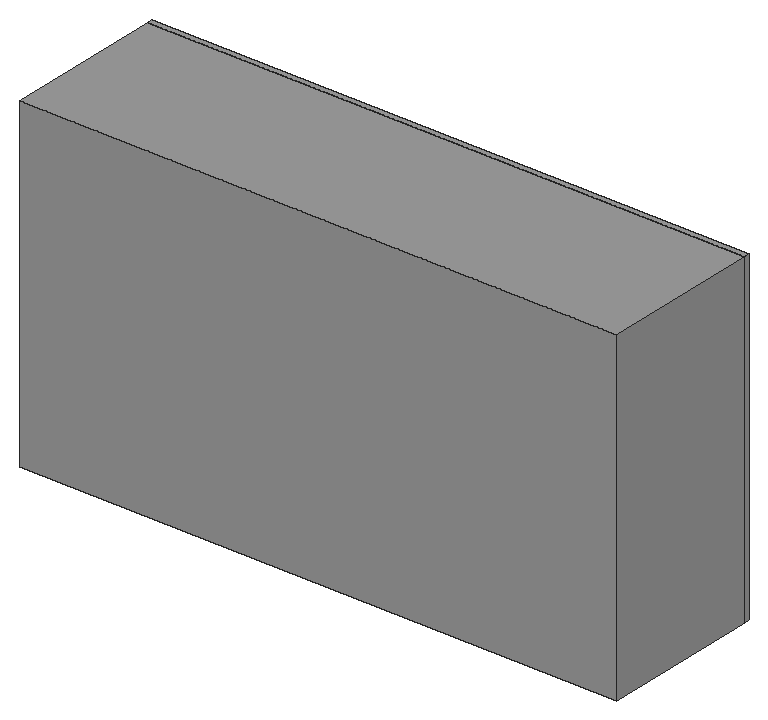
Revit family "Kubus M LED 1-s Sentr (venstre_veggmontasje)", category Lighting Fixtures, Revit 2013
Parameters (values of type "23m")
  Width = 70 mm
  Wattage Comments = "17 W"
  Wattage = 9.2903 W
  built-in parameter 1150110 = 1 (stored number, unit not read)
  Voltage = 230 V
  URL = ""
  built-in parameter 1114217 = 1 (stored number, unit not read)
  Tilt Angle = 90.00°
  built-in parameter 1150109 = 1 (stored number, unit not read)
  built-in parameter 1150134 = 3
  Symbol Positive Direction [instance] = yes
  Symbol Offset Side [instance] = 0 mm
  Symbol Offset Out [instance] = 0 mm
  built-in parameter 1150113 = 1 (stored number, unit not read)
  Reference Line Out [instance] = 50 mm
  Photometric Web File = "20x42A12.ies"
  Number of Poles = 1
  built-in parameter 1150105 = 109.82 (stored number, unit not read)
  Lumens = 1380 lm
  built-in parameter 1150115 = 1 (stored number, unit not read)
  Load Classification [instance] = Other
  Model = ""
  Manufacturer = ""
  built-in parameter 1150137 = (empty or 0)
  built-in parameter 1150139 = (empty or 0)
  Length 1 = Length - 30 mm  # 225 mm
  Length = 255 mm
  built-in parameter 1150112 = 1 (stored number, unit not read)
  built-in parameter 1150114 = 1 (stored number, unit not read)
  Lamp = "1"
  built-in parameter 1150132 = (empty or 0)
  built-in parameter 1150102 = (empty or 0)
  built-in parameter 1150107 = 3200 (stored number, unit not read)
  built-in parameter 1150138 = (empty or 0)
  built-in parameter 1150106 = 1.0982 (stored number, unit not read)
  Height 1 = Height - 30 mm  # 110 mm
  Height = 140 mm
  Emit from Rectangle Width = Height  # 140 mm
  Emit from Rectangle Length = Length  # 255 mm
  Emit Shape Visible in Rendering = no
  built-in parameter 1150104 = 13.8 (stored number, unit not read)
  Dimming Lamp Color Temperature Shift = <None>
  Description = ""
  Color Filter = 16777215
  Body Material and Colour = Default
  built-in parameter 1114218 = 1 (stored number, unit not read)
  built-in parameter 1150133 = 10 (stored number, unit not read)
  Assembly Code = ""
  Apparent Load = 17 VA
  60m = no
  35m = no
  23m = yes
Types (3, lengths in mm): name | Reference Line Out | Length 1 | Length | Height 1 | Height | Emit from Rectangle Width | Emit from Rectangle Length | 60m | 35m | 23m
  23m | 50 | 225 | 255 | 110 | 140 | 140 | 255 | no | no | yes
  35m | 291.501 | 346 | 376 | 170 | 200 | 200 | 376 | no | yes | no
  60m | 50 | 575 | 605 | 285 | 315 | 315 | 605 | yes | no | no
Reference planes
  plane 1 "Light Source Axis (F/B)": y = 119.961
  plane 2 "Top": z = 83
  plane 3 "Light Source Axis (L/R)": x = 0
  plane 4 "Level": z = 0
  plane 5 "Bottom": z = -140
  plane 6: x = -127.5
  plane 7: x = 127.5
  plane 8: y = 187.961
  plane 9: y = 189.961
  plane 10: z = -15
  plane 11: x = -112.5
  plane 12: x = 112.5
  plane 13: z = -70
  plane 14: z = -125
Forms (mm)
  Extrusion 1, solid, material "Default" <- "Body Material and Colour"
    sketch origin (0, 119.961, 0) x (1, 0, 0) y (0, 0, 1)
      loop
        line (-127.5, 0) -> (-127.5, -140) -> (127.5, -140) -> (127.5, 0) -> (-127.5, 0)
    from 0 to -68
  Extrusion 2, solid, material "Default" <- "Body Material and Colour"
    sketch origin (0, 119.961, 0) x (1, 0, 0) y (0, 0, 1)
      loop
        line (-127.5, 0) -> (-127.5, -140) -> (127.5, -140) -> (127.5, 0) -> (-127.5, 0)
      loop
        line (-112.5, -15) -> (-112.5, -125) -> (112.5, -125) -> (112.5, -15) -> (-112.5, -15)
    from -70 to -68
Lines and regions (mm)
  model lines, style "InvisibleLines"
    curve 1: line (0, 119.961, 0) -> (0, 169.961, 0)
Dimensions and locks
  equal spacing: plane 6, plane 3 "Light Source Axis (L/R)", plane 7
  "Length": plane 6 to plane 7
  plane 8 to plane 1 "Light Source Axis (F/B)" = 68 mm
  locked: plane 9 to plane 8 at 2
  equal spacing: plane 4 "Level", plane 13, plane 5 "Bottom"
  "Height": plane 4 "Level" to plane 5 "Bottom"
  equal spacing: plane 11, plane 3 "Light Source Axis (L/R)", plane 12
  "Length 1": plane 11 to plane 12
  equal spacing: plane 10, plane 13, plane 14
  "Height 1": plane 10 to plane 14
  "Width": plane 1 "Light Source Axis (F/B)" to plane 9
  "Reference Line Out": plane 1 "Light Source Axis (F/B)" to curve 1
  aligned and locked: plane 4 "Level" to level
  aligned and locked: plane 8 to nested 2
  aligned and locked: nested 2 to plane 13
  aligned and locked: plane 3 "Light Source Axis (L/R)" to nested 3
  aligned and locked: plane 1 "Light Source Axis (F/B)" to nested 3
  aligned and locked: plane 8 to nested 1
  aligned and locked: plane 4 "Level" to Extrusion 1 sketch curve
  aligned and locked: plane 6 to Extrusion 1 sketch curve
  aligned and locked: plane 5 "Bottom" to Extrusion 1 sketch curve
  aligned and locked: Extrusion 1 sketch curve to plane 7
  aligned and locked: Extrusion 1 to plane 8
  aligned and locked: plane 1 "Light Source Axis (F/B)" to Extrusion 1
  aligned and locked: plane 4 "Level" to Extrusion 2 sketch curve
  aligned and locked: Extrusion 2 sketch curve to plane 7
  aligned and locked: plane 5 "Bottom" to Extrusion 2 sketch curve
  aligned and locked: plane 6 to Extrusion 2 sketch curve
  aligned and locked: Extrusion 2 sketch curve to plane 10
  aligned and locked: plane 11 to Extrusion 2 sketch curve
  aligned and locked: plane 14 to Extrusion 2 sketch curve
  aligned and locked: Extrusion 2 sketch curve to plane 12
  aligned and locked: plane 8 to Extrusion 2
  aligned and locked: Extrusion 2 to plane 9
  aligned and locked: nested 1 to plane 13
  aligned and locked: plane 13 to nested 4
  aligned and locked: plane 3 "Light Source Axis (L/R)" to nested 4
  aligned and locked: plane 8 to nested 4
  aligned and locked: imposter light to plane 9
  aligned and locked: plane 13 to imposter light
  aligned and locked: plane 1 "Light Source Axis (F/B)" to curve 1
  aligned and locked: plane 3 "Light Source Axis (L/R)" to curve 1
Nested families
  nested 1: "23m_venstre" at (0, 187.961, -70), visible <- "23m", type "23m"
  nested 2: "35m_venstre" at (0, 187.961, -70), visible <- "35m", type "35m"
  nested 3: "MarkeringslysS" at (0, 119.961, 0), type "Type 1"
  nested 4: "60m_venstre" at (0, 189.961, -70), visible <- "60m", type "60m"
Connectors
  electrical at (0, 119.961, 0), driven by "Number of Poles", driven by "Load Classification", driven by "Voltage", driven by "Apparent Load"
    settings: index 1, voltage 230 V, apparent load 0 VA, apparent load phase1 17 VA, apparent load phase2 0 VA, apparent load phase3 0 VA, power factor 1, load classification "Other", number of poles 1, system type 31, power factor state 1, is connector primary yes, connector utility no, sub classification motor no, connector description ""
Definition of nested family "23m_venstre"
  Parameters (values of type "23m")
    Material = yes
    L = 205 mm
    H = 135 mm
  Reference planes
    plane 1 "Center (Front/Back)": y = 0
    plane 2: z = 0
    plane 3 "Center (Left/Right)": x = 0
    plane 4: y = -2
  Forms (mm)
    Extrusion 1, solid, material "Green", visible <- "Material"
      sketch origin (453.48, 0, -265.275) x (1, 0, 0) y (0, 0, 1)
        loop
          line (-565.98, 320.275) -> (-565.98, 210.275) -> (-340.98, 210.275) -> (-340.98, 320.275) -> (-565.98, 320.275)
        loop
          line (-381.008, 244.275) -> (-359.342, 265.941) -> (-381.008, 287.608) -> (-394.008, 287.608) -> (-378.842, 272.441) -> (-443.008, 272.441) -> (-443.008, 259.441) -> (-378.842, 259.441) -> (-394.008, 244.275) -> (-381.008, 244.275)
        loop
          circle (-474.766, 303.483) r 7
        loop
          line (-480.5, 291.17) -> (-486.111, 295.878) -> (-519.738, 289.33) -> (-528.167, 276.351)
          arc (-528.167, 276.351) -> (-528.437, 274.892) -> (-527.597, 273.669) r 1.939
          line (-527.597, 273.669) -> (-525.357, 272.215)
          arc (-525.357, 272.215) -> (-523.849, 271.956) -> (-522.622, 272.872) r 1.939
          line (-522.622, 272.872) -> (-516.565, 283.363) -> (-499.748, 286.638) -> (-516.024, 258.447) -> (-532.794, 258.447)
          arc (-532.794, 258.447) -> (-535.079, 257.5) -> (-536.025, 255.215) r 3.232
          line (-536.025, 255.215) -> (-536.025, 251.984)
          arc (-536.025, 251.984) -> (-535.079, 249.699) -> (-532.794, 248.752) r 3.232
          line (-532.794, 248.752) -> (-499.232, 248.752) -> (-494.068, 257.695) -> (-487.551, 252.226) -> (-487.551, 225.892)
          arc (-487.551, 225.892) -> (-486.604, 223.607) -> (-484.319, 222.661) r 3.232
          line (-484.319, 222.661) -> (-481.087, 222.661)
          arc (-481.087, 222.661) -> (-478.802, 223.607) -> (-477.856, 225.892) r 3.232
          line (-477.856, 225.892) -> (-477.856, 256.746) -> (-489.146, 266.22) -> (-484.224, 274.746) -> (-473.474, 265.726)
          arc (-473.474, 265.726) -> (-472.059, 265.28) -> (-470.743, 265.965) r 1.939
          line (-470.743, 265.965) -> (-469.081, 267.946)
          arc (-469.081, 267.946) -> (-468.635, 269.361) -> (-469.32, 270.677) r 1.939
          line (-469.32, 270.677) -> (-480.942, 280.43) -> (-476.849, 287.519) -> (-480.5, 291.17)
      from 0 to 2
  Dimensions and locks
    Extrusion 1 sketch curve to plane 3 "Center (Left/Right)" to Extrusion 1 sketch curve = 112.5 mm, 112.5 mm
    aligned and locked: level to plane 2
Definition of nested family "35m_venstre"
  Parameters (values of type "35m")
    Material = yes
    L = 425.577 mm
    H = 260 mm
  Reference planes
    plane 1 "Center (Front/Back)": y = 0
    plane 2: z = 0
    plane 3 "Center (Left/Right)": x = 0
    plane 4: y = -2
  Forms (mm)
    Extrusion 1, solid, material "Green", visible <- "Material"
      sketch origin (0, 0, 0) x (1, 0, 0) y (0, 0, 1)
        loop
          line (-173, 85) -> (-173, -85) -> (173, -85) -> (173, 85) -> (-173, 85)
        loop
          line (117.051, -40.937) -> (158.866, 0.582) -> (117.347, 42.396) -> (92.348, 42.485) -> (121.41, 13.215) -> (17.244, 13.585) -> (17.156, -11.415) -> (121.322, -11.785) -> (92.051, -40.848) -> (117.051, -40.937)
        loop
          circle (-41.697, 48.678) r 8.988
        loop
          line (-49.059, 32.868) -> (-56.264, 38.913) -> (-99.442, 30.506) -> (-110.264, 13.841)
          arc (-110.264, 13.841) -> (-110.611, 11.967) -> (-109.532, 10.397) r 2.49
          line (-109.532, 10.397) -> (-106.657, 8.53)
          arc (-106.657, 8.53) -> (-104.72, 8.197) -> (-103.145, 9.373) r 2.49
          line (-103.145, 9.373) -> (-95.367, 22.844) -> (-73.774, 27.049) -> (-94.672, -9.148) -> (-116.205, -9.148)
          arc (-116.205, -9.148) -> (-119.139, -10.364) -> (-120.355, -13.298) r 4.149
          line (-120.355, -13.298) -> (-120.355, -17.447)
          arc (-120.355, -17.447) -> (-119.139, -20.381) -> (-116.205, -21.597) r 4.149
          line (-116.205, -21.597) -> (-73.111, -21.597) -> (-66.481, -10.114) -> (-58.112, -17.137) -> (-58.112, -50.949)
          arc (-58.112, -50.949) -> (-56.897, -53.883) -> (-53.963, -55.098) r 4.149
          line (-53.963, -55.098) -> (-49.813, -55.098)
          arc (-49.813, -55.098) -> (-46.879, -53.883) -> (-45.664, -50.949) r 4.149
          line (-45.664, -50.949) -> (-45.664, -11.332) -> (-60.161, 0.833) -> (-53.841, 11.78) -> (-40.038, 0.198)
          arc (-40.038, 0.198) -> (-38.221, -0.375) -> (-36.531, 0.505) r 2.49
          line (-36.531, 0.505) -> (-34.397, 3.048)
          arc (-34.397, 3.048) -> (-33.824, 4.865) -> (-34.704, 6.556) r 2.49
          line (-34.704, 6.556) -> (-49.627, 19.078) -> (-44.372, 28.181) -> (-49.059, 32.868)
      from 0 to 2
  Dimensions and locks
    aligned and locked: level to plane 2
    aligned and locked: plane 4 to Extrusion 1
    aligned and locked: Extrusion 1 to plane 1 "Center (Front/Back)"
    aligned and locked: Extrusion 1 to plane 4
Definition of nested family "60m_venstre"
  Parameters (values of type "60m")
    Material = yes
    L = 425.577 mm
    H = 260 mm
  Reference planes
    plane 1 "Center (Front/Back)": y = 0
    plane 2: z = 0
    plane 3 "Center (Left/Right)": x = 0
    plane 4: y = -2
  Forms (mm)
    Extrusion 1, solid, material "Green", visible <- "Material"
      sketch origin (0, 0, 0) x (1, 0, 0) y (0, 0, 1)
        loop
          line (-287.5, 142.5) -> (-287.5, -142.5) -> (287.5, -142.5) -> (287.5, 142.5) -> (-287.5, 142.5)
        loop
          line (187.156, -67.598) -> (255.21, 0.456) -> (187.156, 68.51) -> (146.324, 68.51) -> (193.962, 20.873) -> (23.827, 20.873) -> (23.827, -19.96) -> (193.962, -19.96) -> (146.324, -67.598) -> (187.156, -67.598)
        loop
          circle (-89.224, 88.058) r 17.538
        loop
          line (-103.589, 57.208) -> (-117.647, 69.004) -> (-201.898, 52.599) -> (-223.014, 20.082)
          arc (-223.014, 20.082) -> (-223.692, 16.426) -> (-221.586, 13.362) r 4.858
          line (-221.586, 13.362) -> (-215.976, 9.718)
          arc (-215.976, 9.718) -> (-212.196, 9.069) -> (-209.123, 11.364) r 4.858
          line (-209.123, 11.364) -> (-193.947, 37.65) -> (-151.813, 45.854) -> (-192.591, -24.776) -> (-234.607, -24.776)
          arc (-234.607, -24.776) -> (-240.332, -27.148) -> (-242.704, -32.873) r 8.097
          line (-242.704, -32.873) -> (-242.704, -40.969)
          arc (-242.704, -40.969) -> (-240.332, -46.695) -> (-234.607, -49.066) r 8.097
          line (-234.607, -49.066) -> (-150.52, -49.066) -> (-137.584, -26.66) -> (-121.254, -40.363) -> (-121.254, -106.339)
          arc (-121.254, -106.339) -> (-118.882, -112.064) -> (-113.157, -114.436) r 8.097
          line (-113.157, -114.436) -> (-105.06, -114.436)
          arc (-105.06, -114.436) -> (-99.335, -112.064) -> (-96.964, -106.339) r 8.097
          line (-96.964, -106.339) -> (-96.964, -29.037) -> (-125.251, -5.3) -> (-112.919, 16.06) -> (-85.987, -6.539)
          arc (-85.987, -6.539) -> (-82.441, -7.657) -> (-79.143, -5.94) r 4.858
          line (-79.143, -5.94) -> (-74.979, -0.978)
          arc (-74.979, -0.978) -> (-73.861, 2.568) -> (-75.578, 5.866) r 4.858
          line (-75.578, 5.866) -> (-104.697, 30.3) -> (-94.443, 48.062) -> (-103.589, 57.208)
      from 0 to 2
  Dimensions and locks
    aligned and locked: level to plane 2
    aligned and locked: Extrusion 1 to plane 4  (x2)
    aligned and locked: Extrusion 1 to plane 1 "Center (Front/Back)"
Definition of nested family "MarkeringslysS"
  Parameters (values of type "Type 1")
    CQ Symbol Positive Direction = yes
    CQ Symbol Negative Direction = not(CQ Symbol Positive Direction)  # no
    CQ Symbol Offset Side = 0 mm
    CQ Symbol Offset Out = 0 mm
  Reference planes
    plane 1: y = 0
    plane 2: x = 0
  Dimensions and locks
    "CQ Symbol Offset Out": plane 1 to nested 1
    "CQ Symbol Offset Out": plane 1 to nested 2
    "CQ Symbol Offset Side": plane 2 to nested 2
    "CQ Symbol Offset Side": nested 1 to plane 2
  Nested families
    nested 1: "LedelysSub" at (0, 0, 0), visible <- "CQ Symbol Negative Direction", type "Type 1"
    nested 2: "LedelysSub" at (0, 0, 0), visible <- "CQ Symbol Positive Direction", type "Type 1"
  Definition of nested family "LedelysSub"
    Reference planes
      plane 1: y = 0
      plane 2: x = 0
    Lines and regions (mm)
      Filled region 1, type "Filled region 1"
        outline origin (64.576, 53.459, 0) x (1, 0, 0) y (0, 1, 0)
          loop
            arc (-65.575, -52.307) -> (-65.224, -51.459) -> (-65.575, -50.61) r 1.2
            line (-65.575, -50.61) -> (-66.424, -51.459) -> (-65.575, -52.307)
      Filled region 2, type "Filled region 1"
        outline origin (-68.271, 53.459, 0) x (0, 1, 0) y (-1, 0, 0)
          loop
            line (-52.307, -65.575) -> (-51.459, -66.424) -> (-50.61, -65.575)
            arc (-50.61, -65.575) -> (-51.459, -65.224) -> (-52.307, -65.575) r 1.2
      detail lines
        curve 1: line (-4, 0, 0) -> (4, 0, 0)
        curve 2: line (4, 0, 0) -> (4, 4, 0)
        curve 3: line (4, 4, 0) -> (-4, 4, 0)
        curve 4: line (-4, 4, 0) -> (-4, 0, 0)
        curve 5: line (-3.097, 0.75, 0) -> (-0.597, 3.25, 0)
        curve 6: line (-3.097, 3.25, 0) -> (-0.597, 0.75, 0)
        curve 7: circle (-1.847, 2, 0) r 1.2 normal (0, 0, 1)
    Text (mm)
      text "ML" at (2.179, 3.025, 0)
    Dimensions and locks
      aligned and locked: Filled region 1 sketch curve to curve 7
